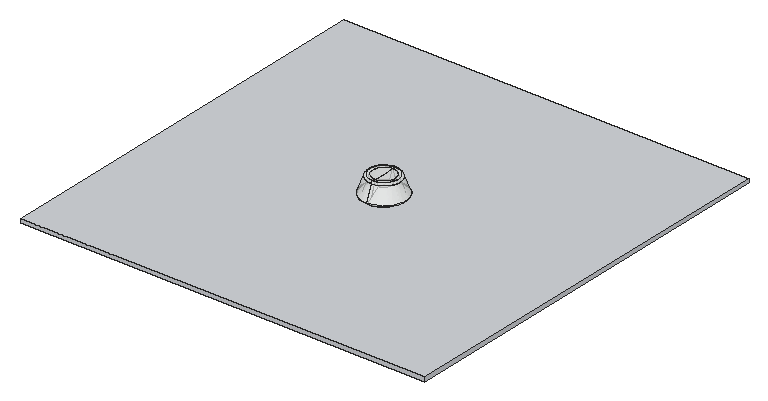
Revit family "Lighting-Surface-Lucifer-Stellr", category Lighting Fixtures, host Face, Revit 2017
Family settings
  Host = Face
  Round Connector Dimension = Use Diameter
  Part Type = Normal
  Cut with Voids When Loaded = No
  Light Source = Yes
  Shared = No
  Room Calculation Point = No
Parameters (values of type "Stellr")
  Width = 10.23"
  Wattage = 9.2903 W
  built-in parameter 1150110 = 1 (stored number, unit not read)
  Voltage = 0 V
  URL = "https://www.luciferlighting.com/"
  built-in parameter 1114217 = 1 (stored number, unit not read)
  Tilt Angle = 90.00°
  built-in parameter 1150109 = 1 (stored number, unit not read)
  built-in parameter 1150134 = 3
  built-in parameter 1150113 = 1 (stored number, unit not read)
  Power Factor = 1
  Photometric Web File = "generic"
  Number of Poles = 1
  built-in parameter 1150142 = (empty or 0)
  Model = "Stellr"
  Manufacturer = "Lucifer Lighting"
  built-in parameter 1150105 = 109.82 (stored number, unit not read)
  Lumens = 1380 lm
  built-in parameter 1150115 = 1 (stored number, unit not read)
  built-in parameter 1150137 = (empty or 0)
  built-in parameter 1150139 = (empty or 0)
  built-in parameter 1150112 = 1 (stored number, unit not read)
  built-in parameter 1150114 = 1 (stored number, unit not read)
  Lamp = "LED"
  built-in parameter 1150132 = (empty or 0)
  built-in parameter 1150102 = (empty or 0)
  built-in parameter 1150107 = 3200 (stored number, unit not read)
  built-in parameter 1150138 = (empty or 0)
  built-in parameter 1150106 = 1.0982 (stored number, unit not read)
  Height = 5.16"
  Emit from Circle Diameter = 6.00"
  Emit Shape Visible in Rendering = no
  built-in parameter 1150104 = 13.8 (stored number, unit not read)
  Dimming Lamp Color Temperature Shift = <None>
  Description = "Surface"
  Default Elevation = 48.00"
  Color Filter = 16777215
  built-in parameter 1114218 = 1 (stored number, unit not read)
  built-in parameter 1150133 = 10 (stored number, unit not read)
  Apparent Load = 0 VA
Reference planes (in)
  plane 1 "Center (Front/Back)": y = 0
  plane 2: z = 0.125
  plane 3 "Center (Left/Right)": x = 0
  plane 4: y = 5.115
  plane 5: y = -5.115
  plane 6: z = 5.285
Forms (in)
  Extrusion 1, solid
    sketch origin (0, 0, 0) x (1, 0, 0) y (0, 1, 0)
      loop
        line (-48, 48) -> (-48, -48) -> (48, -48) -> (48, 48) -> (-48, 48)
    from 0.125 to -0.82085
  Revolve 2, solid, material "Lens"
    sketch origin (0, 0, 0) x (0, 1, 0) y (0, 0, 1)
      loop
        line (2.62502, 5.285) -> (4.06839, 1.1865) -> (5.01894, 1.1865)
        arc (5.01894, 1.1865) -> (5.07751, 1.24073) -> (5.08141, 1.32047) r 0.10564
        line (5.08141, 1.32047) -> (3.82632, 4.88433)
        arc (3.82632, 4.88433) -> (3.64987, 5.17227) -> (3.33153, 5.285) r 0.50585
        line (3.33153, 5.285) -> (2.62502, 5.285)
      axis (0, 5.285) -> (0, 1.1865)
    angle from 0 to 360
  Revolve 3, solid, material "Housing"
    sketch origin (0, 0, 0) x (0, 1, 0) y (0, 0, 1)
      loop
        line (3.18866, 1.1865) -> (0, 1.1865) -> (0, 0.125) -> (3.18866, 0.125) -> (3.18866, 1.1865)
      axis (0, 1.1865) -> (0, 0.125)
    angle from 0 to 360
  Revolve 4, solid, material "Housing"
    sketch origin (0, 0, 0) x (0, 1, 0) y (0, 0, 1)
      loop
        line (5.01894, 1.1865) -> (1.6043, 3.3202) -> (0, 3.3202) -> (0, 1.1865) -> (5.01894, 1.1865)
      axis (0, 3.3202) -> (0, 1.1865)
    angle from 0 to 360
  Revolve 5, solid, material "Lens"
    sketch origin (0, 0, 0) x (0, 1, 0) y (0, 0, 1)
      loop
        line (1.6043, 3.3202) -> (2.62502, 5.285) -> (0, 5.285) -> (0, 3.3202) -> (1.6043, 3.3202)
      axis (0, 5.285) -> (0, 3.3202)
    angle from 0 to 360
Dimensions and locks (in)
  equal spacing: plane 4, plane 1 "Center (Front/Back)", plane 5
  "Width": plane 4 to plane 5
  "Height": plane 6 to plane 2
  aligned and locked: plane 2 to Extrusion 1
  aligned and locked: imposter light to plane 1 "Center (Front/Back)"
  aligned and locked: imposter light to Revolve 5
Automatic sketch dimensions
  Extrusion 1 sketch curve to Extrusion 1 sketch curve = 96.00"  (x2)
  Revolve 3 sketch curve to plane 1 "Center (Front/Back)" = 0.00"
  Revolve 3 sketch curve to plane 2 = 0.00"
  plane 4 to Revolve 3 sketch curve = 1.92634"
  plane 2 to Revolve 3 sketch curve = 1.0615"
  Revolve 2 sketch curve to plane 1 "Center (Front/Back)" = 0.00"
  Revolve 2 sketch curve to plane 6 = 0.50585"
  plane 4 to Revolve 2 sketch curve = 1.78347"
  Revolve 2 sketch curve to plane 6 = 0.40067"
  plane 4 to Revolve 2 sketch curve = 1.04661"
  plane 4 to Revolve 2 sketch curve = 0.13323"
  plane 4 to Revolve 2 sketch curve = 0.09606"
  plane 4 to Revolve 2 sketch curve = 0.03359"
  plane 2 to Revolve 2 sketch curve = 1.19547"
  Revolve 2 sketch curve to Revolve 2 sketch curve = 0.03509"
  Revolve 2 sketch curve to Revolve 2 sketch curve = 0.70651"
  Revolve 2 sketch curve to level = 24.00"
  plane 6 to Revolve 2 sketch curve = 86.99086"
  Revolve 2 sketch curve to plane 6 = 0.00"
  Revolve 4 sketch curve to plane 1 "Center (Front/Back)" = 0.00"  (x2)
  plane 4 to Revolve 4 sketch curve = 0.09606"
  plane 2 to Revolve 4 sketch curve = 1.0615"
  Revolve 4 sketch curve to Revolve 4 sketch curve = 1.6043"
  Revolve 4 sketch curve to level = 24.00"
  Revolve 4 sketch curve to plane 6 = 1.9648"
  plane 6 to Revolve 4 sketch curve = 86.99086"
  Revolve 5 sketch curve to plane 1 "Center (Front/Back)" = 0.00"
  Revolve 5 sketch curve to plane 6 = 0.00"
  plane 4 to Revolve 5 sketch curve = 2.48998"
  Revolve 5 sketch curve to plane 1 "Center (Front/Back)" = 1.6043"
  Revolve 5 sketch curve to plane 6 = 1.9648"
Connectors (in)
  electrical at (0, 0, 0.125), driven by "Number of Poles", driven by "Voltage", driven by "Apparent Load", driven by "Power Factor"
    settings: on Revolve 3, index 1, voltage 0 V, apparent load 0 VA, apparent load phase1 0 VA, apparent load phase2 0 VA, apparent load phase3 0 VA, power factor 1, load classification "Other", number of poles 1, system type 31, power factor state 1, is connector primary yes, connector utility no, sub classification motor no, connector description ""
